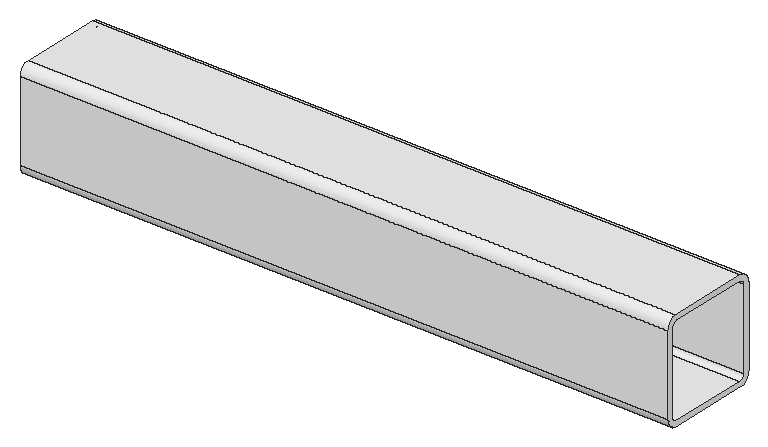
Revit family
Parameters (values of type "SHS200x200x10")
  Start Extension Calculation [instance] = 3012.5 mm + Start Extension  # 3037.5 mm
  Start Extension [instance] = 25 mm
  End Extension Calculation [instance] = 3012.5 mm + End Extension  # 3037.5 mm
  End Extension [instance] = 25 mm
  Beam Material [instance] = Metal - Steel - 345 MPa
  Assembly Code = ""
  A = 0.008 m²
  Ht = 200 mm
  Length [instance] = 1500 mm
  W = 0.58153
  Shape = "Square"
  b = 200 mm
  tr = 2 * t  # 20 mm
  t = 10 mm
Reference planes
  plane 1 "Center (Front/Back)": y = 0
  plane 2: z = 0
  plane 3 "Center (Left/Right)": x = 4.61
  plane 4 "Member Left": x = -604.99
  plane 5 "Member Right": x = 614.21
  plane 6: y = 100
  plane 7: y = -100
  plane 8 "Top": z = 100
  plane 9: z = -100
  plane 10 "Left": x = -757.39
  plane 11 "Right": x = 742.61
  plane 12: x = -642.49
  plane 13: x = 651.71
  plane 14: x = 2395.01
  plane 15: x = -2385.79
Forms (mm)
  Sweep 1, solid, material "Metal - Steel - 345 MPa" <- "Beam Material", detail levels fine
    path origin (0, 0, 0) x (1, 0, 0) y (0, 1, 0)
      loop
        line (651.71, 0) -> (-642.49, 0)
    profile "M_Hollow-Structural-Section-Profile-Fine : M_Hollow-Structural-Section-Profile-Fine" origin (4.61, 0, 0) x (0, -1, 0) y (0, 0, 1)
      loop
        arc (-80, 90) -> (-87.071, 87.071) -> (-90, 80) r 10
        line (-90, 80) -> (-90, -80)
        arc (-90, -80) -> (-87.071, -87.071) -> (-80, -90) r 10
        line (-80, -90) -> (80, -90)
        arc (80, -90) -> (87.071, -87.071) -> (90, -80) r 10
        line (90, -80) -> (90, 80)
        arc (90, 80) -> (87.071, 87.071) -> (80, 90) r 10
        line (80, 90) -> (-80, 90)
      loop
        arc (-100, -80) -> (-94.142, -94.142) -> (-80, -100) r 20
        line (-80, -100) -> (80, -100)
        arc (80, -100) -> (94.142, -94.142) -> (100, -80) r 20
        line (100, -80) -> (100, 80)
        arc (100, 80) -> (94.142, 94.142) -> (80, 100) r 20
        line (80, 100) -> (-80, 100)
        arc (-80, 100) -> (-94.142, 94.142) -> (-100, 80) r 20
        line (-100, 80) -> (-100, -80)
  Sweep 2, solid, material "Metal - Steel - 345 MPa" <- "Beam Material", detail levels medium
    path origin (0, 0, 0) x (1, 0, 0) y (0, 1, 0)
      loop
        line (651.71, 0) -> (-642.49, 0)
    profile "M_Hollow-Structural-Section-Profile-Medium : M_Hollow-Structural-Section-Profile-Medium" origin (4.61, 0, 0) x (0, -1, 0) y (0, 0, 1)
      loop
        line (-90, 90) -> (-90, -90) -> (90, -90) -> (90, 90) -> (-90, 90)
      loop
        line (-100, -100) -> (100, -100) -> (100, 100) -> (-100, 100) -> (-100, -100)
Lines and regions (mm)
  symbolic lines, style "Hidden Faces", detail levels medium+fine
    curve 1: line (651.71, -90, 0) -> (-642.49, -90, 0)
    curve 2: line (651.71, 90, 0) -> (-642.49, 90, 0)
    curve 3: line (-642.49, 0, 90) -> (651.71, 0, 90)
    curve 4: line (-642.49, 0, -90) -> (651.71, 0, -90)
  symbolic lines, style "Stick Symbols", detail levels coarse
    curve 5: line (4.61, -100, 100) -> (4.61, -100, -100)
    curve 6: line (4.61, -100, -100) -> (4.61, 100, -100)
    curve 7: line (4.61, 100, -100) -> (4.61, 100, 100)
    curve 8: line (4.61, 100, 100) -> (4.61, -100, 100)
Dimensions and locks
  "b": plane 6 to plane 7
  "Ht": plane 9 to plane 8 "Top"
  equal spacing: plane 9, plane 2, plane 8 "Top"
  equal spacing: plane 6, plane 1 "Center (Front/Back)", plane 7
  "t": plane 6 to curve 2
  "t": curve 1 to plane 7
  "t": plane 8 "Top" to curve 3
  "t": curve 4 to plane 9
  "Length": plane 10 "Left" to plane 11 "Right"
  locked: plane 4 "Member Left" to plane 14 at 3000
  locked: plane 15 to plane 5 "Member Right" at 3000
  "Start Extension Calculation": plane 12 to plane 14
  "End Extension Calculation": plane 15 to plane 13
  aligned and locked: Sweep 1 sketch curve to plane 1 "Center (Front/Back)"
  aligned and locked: Sweep 2 sketch curve to plane 1 "Center (Front/Back)"
  aligned and locked: curve 5 to Sweep 2
  aligned and locked: curve 6 to Sweep 2
  aligned and locked: curve 7 to Sweep 2
  aligned and locked: curve 8 to Sweep 2
  aligned and locked: plane 12 to Sweep 2 sketch curve
  aligned and locked: plane 13 to Sweep 2 sketch curve
  aligned and locked: plane 12 to Sweep 1 sketch curve
  aligned and locked: plane 13 to Sweep 1 sketch curve
  aligned and locked: plane 12 to curve 2
  aligned and locked: plane 12 to curve 1
  aligned and locked: plane 13 to curve 2
  aligned and locked: plane 13 to curve 1
  aligned and locked: plane 12 to curve 3
  aligned and locked: plane 12 to curve 4
  aligned and locked: plane 13 to curve 3
  aligned and locked: plane 13 to curve 4
